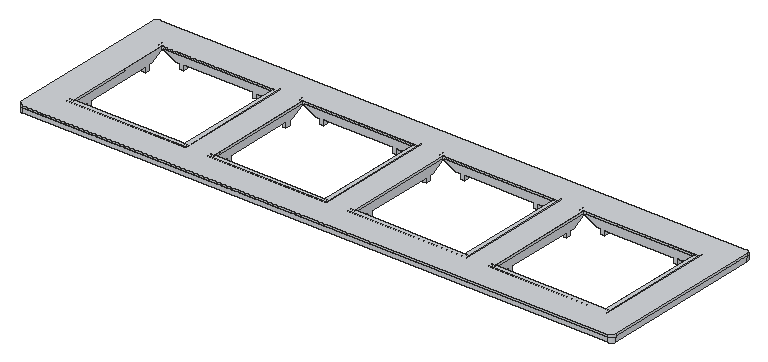
Revit family "Gira_0214235", category Electrical Fixtures, host Face, Revit 2017
Family settings
  Host = Face
  Maintain Annotation Orientation = No
  Round Connector Dimension = Use Diameter
  Part Type = Normal
  Cut with Voids When Loaded = No
  Shared = No
  Room Calculation Point = No
Parameters (values of type "Cov.fr. 4-g flat Gira E2 anthra.")
  With mounting grid = "No"
  With hinged lid = "No"
  URL = "http://katalog.gira.de/en/datenblatt.html?artikelnr=0214235"
  Type of fastening = "Clamp mounting"
  Transparent = "No"
  Surface protection = "Other"
  Suitable for wall duct = "No"
  Suitable for flush-mounted installation = "Yes"
  Suitable for floor box = "No"
  Suitable for built-in installation = "No"
  Number of units vertical = "4"
  Number of units horizontal = "4"
  Number of units = "4"
  Name = "Cov.fr. 4-g flat Gira E2 anthra."
  Mounting direction = "Horizontal and vertical"
  Material quality = "Thermoplastic"
  Material = "Plastic"
  Manufacturer URL = "https://www.gira.de/"
  Manufacturer = "Gira"
  Label space/information surface = "No"
  Keynote = ""
  HeinzeBIM = "https://bimportal.heinze.de/bim/cov-fr-4-g-flat-gira-e2-anthra-/c823c9535e9be90bf92d48955c7852f098e1dccb"
  Halogen free = "Yes"
  HAN = "0214235"
  GTIN = "4010337021308"
  Description = "Cov.fr.4g flat E2 AN,Gira E2 cover frame for flat installation,anthracite,4-gang,"
  Degree of protection (IP) = "IP20"
  Default Elevation = 1219.2 mm
  Data sheet (1) = "https://katalog.gira.de/en/download.html?artikelnr=0214235"
  Colour = "Anthracite"
  Category = "Cover frame for domestic switching devices"
  BIM (1) = "https://media.stage.bim.site/public/gira/36a6b08/E2flach_Rahmen_4fach.rfa"
  Available = "No"
Reference planes
  plane 1 "Center (Front/Back)": y = 0
  plane 2: z = 0
  plane 3 "Center (Left/Right)": x = 0
Forms (mm)
  Extrusion 1, solid, detail levels fine
    sketch origin (0, 0, 0) x (1, 0, 0) y (0, 1, 0)
      loop
        arc (-148.2, 43.9) -> (-149.968, 43.168) -> (-150.7, 41.4) r 2.5
        line (-150.7, 41.4) -> (-150.7, -41.4)
        arc (-150.7, -41.4) -> (-149.968, -43.168) -> (-148.2, -43.9) r 2.5
        line (-148.2, -43.9) -> (148.2, -43.9)
        arc (148.2, -43.9) -> (149.968, -43.168) -> (150.7, -41.4) r 2.5
        line (150.7, -41.4) -> (150.7, 41.4)
        arc (150.7, 41.4) -> (149.968, 43.168) -> (148.2, 43.9) r 2.5
        line (148.2, 43.9) -> (-148.2, 43.9)
      loop
        spline (-134.944, -27.245) -> (-134.936, -27.363) -> (-134.913, -27.478) -> (-134.875, -27.589) -> (-134.823, -27.695) -> (-134.758, -27.792) -> (-134.681, -27.881) -> (-134.592, -27.958) -> (-134.495, -28.023) -> (-134.389, -28.075) -> (-134.278, -28.113) -> (-134.163, -28.136) -> (-134.045, -28.144)
        line (-134.045, -28.144) -> (-79.555, -28.144)
        spline (-79.555, -28.144) -> (-79.437, -28.136) -> (-79.322, -28.113) -> (-79.211, -28.075) -> (-79.105, -28.023) -> (-79.008, -27.958) -> (-78.919, -27.881) -> (-78.842, -27.792) -> (-78.777, -27.695) -> (-78.725, -27.589) -> (-78.687, -27.478) -> (-78.664, -27.363) -> (-78.656, -27.245)
        line (-78.656, -27.245) -> (-78.656, 27.245)
        spline (-78.656, 27.245) -> (-78.664, 27.363) -> (-78.687, 27.478) -> (-78.725, 27.589) -> (-78.777, 27.695) -> (-78.842, 27.792) -> (-78.919, 27.881) -> (-79.008, 27.958) -> (-79.105, 28.023) -> (-79.211, 28.075) -> (-79.322, 28.113) -> (-79.437, 28.136) -> (-79.555, 28.144)
        line (-79.555, 28.144) -> (-134.045, 28.144)
        spline (-134.045, 28.144) -> (-134.163, 28.136) -> (-134.278, 28.113) -> (-134.389, 28.075) -> (-134.495, 28.023) -> (-134.592, 27.958) -> (-134.681, 27.881) -> (-134.758, 27.792) -> (-134.823, 27.695) -> (-134.875, 27.589) -> (-134.913, 27.478) -> (-134.936, 27.363) -> (-134.944, 27.245)
        line (-134.944, 27.245) -> (-134.944, -27.245)
      loop
        spline (134.045, -28.144) -> (134.163, -28.136) -> (134.278, -28.113) -> (134.389, -28.075) -> (134.495, -28.023) -> (134.592, -27.958) -> (134.681, -27.881) -> (134.758, -27.792) -> (134.823, -27.695) -> (134.875, -27.589) -> (134.913, -27.478) -> (134.936, -27.363) -> (134.944, -27.245)
        line (134.944, -27.245) -> (134.944, 27.245)
        spline (134.944, 27.245) -> (134.936, 27.363) -> (134.913, 27.478) -> (134.875, 27.589) -> (134.823, 27.695) -> (134.758, 27.792) -> (134.681, 27.881) -> (134.592, 27.958) -> (134.495, 28.023) -> (134.389, 28.075) -> (134.278, 28.113) -> (134.163, 28.136) -> (134.045, 28.144)
        line (134.045, 28.144) -> (79.555, 28.144)
        spline (79.555, 28.144) -> (79.437, 28.136) -> (79.322, 28.113) -> (79.211, 28.075) -> (79.105, 28.023) -> (79.008, 27.958) -> (78.919, 27.881) -> (78.842, 27.792) -> (78.777, 27.695) -> (78.725, 27.589) -> (78.687, 27.478) -> (78.664, 27.363) -> (78.656, 27.245)
        line (78.656, 27.245) -> (78.656, -27.245)
        spline (78.656, -27.245) -> (78.664, -27.363) -> (78.687, -27.478) -> (78.725, -27.589) -> (78.777, -27.695) -> (78.842, -27.792) -> (78.919, -27.881) -> (79.008, -27.958) -> (79.105, -28.023) -> (79.211, -28.075) -> (79.322, -28.113) -> (79.437, -28.136) -> (79.555, -28.144)
        line (79.555, -28.144) -> (134.045, -28.144)
      loop
        spline (-63.744, -27.245) -> (-63.736, -27.363) -> (-63.713, -27.478) -> (-63.675, -27.589) -> (-63.623, -27.695) -> (-63.558, -27.792) -> (-63.481, -27.881) -> (-63.392, -27.958) -> (-63.295, -28.023) -> (-63.189, -28.075) -> (-63.078, -28.113) -> (-62.963, -28.136) -> (-62.845, -28.144)
        line (-62.845, -28.144) -> (-8.355, -28.144)
        spline (-8.355, -28.144) -> (-8.237, -28.136) -> (-8.122, -28.113) -> (-8.011, -28.075) -> (-7.905, -28.023) -> (-7.808, -27.958) -> (-7.719, -27.881) -> (-7.642, -27.792) -> (-7.577, -27.695) -> (-7.525, -27.589) -> (-7.487, -27.478) -> (-7.464, -27.363) -> (-7.456, -27.245)
        line (-7.456, -27.245) -> (-7.456, 27.245)
        spline (-7.456, 27.245) -> (-7.464, 27.363) -> (-7.487, 27.478) -> (-7.525, 27.589) -> (-7.577, 27.695) -> (-7.642, 27.792) -> (-7.719, 27.881) -> (-7.808, 27.958) -> (-7.905, 28.023) -> (-8.011, 28.075) -> (-8.122, 28.113) -> (-8.237, 28.136) -> (-8.355, 28.144)
        line (-8.355, 28.144) -> (-62.845, 28.144)
        spline (-62.845, 28.144) -> (-62.963, 28.136) -> (-63.078, 28.113) -> (-63.189, 28.075) -> (-63.295, 28.023) -> (-63.392, 27.958) -> (-63.481, 27.881) -> (-63.558, 27.792) -> (-63.623, 27.695) -> (-63.675, 27.589) -> (-63.713, 27.478) -> (-63.736, 27.363) -> (-63.744, 27.245)
        line (-63.744, 27.245) -> (-63.744, -27.245)
      loop
        spline (7.456, -27.245) -> (7.464, -27.363) -> (7.487, -27.478) -> (7.525, -27.589) -> (7.577, -27.695) -> (7.642, -27.792) -> (7.719, -27.881) -> (7.808, -27.958) -> (7.905, -28.023) -> (8.011, -28.075) -> (8.122, -28.113) -> (8.237, -28.136) -> (8.355, -28.144)
        line (8.355, -28.144) -> (62.845, -28.144)
        spline (62.845, -28.144) -> (62.963, -28.136) -> (63.078, -28.113) -> (63.189, -28.075) -> (63.295, -28.023) -> (63.392, -27.958) -> (63.481, -27.881) -> (63.558, -27.792) -> (63.623, -27.695) -> (63.675, -27.589) -> (63.713, -27.478) -> (63.736, -27.363) -> (63.744, -27.245)
        line (63.744, -27.245) -> (63.744, 27.245)
        spline (63.744, 27.245) -> (63.736, 27.363) -> (63.713, 27.478) -> (63.675, 27.589) -> (63.623, 27.695) -> (63.558, 27.792) -> (63.481, 27.881) -> (63.392, 27.958) -> (63.295, 28.023) -> (63.189, 28.075) -> (63.078, 28.113) -> (62.963, 28.136) -> (62.845, 28.144)
        line (62.845, 28.144) -> (8.355, 28.144)
        spline (8.355, 28.144) -> (8.237, 28.136) -> (8.122, 28.113) -> (8.011, 28.075) -> (7.905, 28.023) -> (7.808, 27.958) -> (7.719, 27.881) -> (7.642, 27.792) -> (7.577, 27.695) -> (7.525, 27.589) -> (7.487, 27.478) -> (7.464, 27.363) -> (7.456, 27.245)
        line (7.456, 27.245) -> (7.456, -27.245)
    from 2.5 to 3.4
  Extrusion 2, solid, detail levels fine
    sketch origin (0, 0, 0) x (1, 0, 0) y (0, 1, 0)
      loop
        arc (-148.2, 43.9) -> (-149.968, 43.168) -> (-150.7, 41.4) r 2.5
        line (-150.7, 41.4) -> (-150.7, -41.4)
        arc (-150.7, -41.4) -> (-149.968, -43.168) -> (-148.2, -43.9) r 2.5
        line (-148.2, -43.9) -> (148.2, -43.9)
        arc (148.2, -43.9) -> (149.968, -43.168) -> (150.7, -41.4) r 2.5
        line (150.7, -41.4) -> (150.7, 41.4)
        arc (150.7, 41.4) -> (149.968, 43.168) -> (148.2, 43.9) r 2.5
        line (148.2, 43.9) -> (-148.2, 43.9)
      loop
        arc (-148.2, 43.4) -> (-149.614, 42.814) -> (-150.2, 41.4) r 2
        line (-150.2, 41.4) -> (-150.2, -41.4)
        arc (-150.2, -41.4) -> (-149.614, -42.814) -> (-148.2, -43.4) r 2
        line (-148.2, -43.4) -> (148.2, -43.4)
        arc (148.2, -43.4) -> (149.614, -42.814) -> (150.2, -41.4) r 2
        line (150.2, -41.4) -> (150.2, 41.4)
        arc (150.2, 41.4) -> (149.614, 42.814) -> (148.2, 43.4) r 2
        line (148.2, 43.4) -> (-148.2, 43.4)
    from 0 to 2.5
  Extrusion 3, solid, detail levels fine
    sketch origin (-106.8, 0, 0) x (1, 0, 0) y (0, 0, 1)
      loop
        line (-17.5, -4.06) -> (-17.5, -1.56) -> (17.5, -1.56) -> (17.5, -4.06) -> (19.5, -4.06) -> (19.5, -1.56) -> (21.654, -1.56) -> (27.214, 1.65) -> (30, 1.65) -> (30, 3.4) -> (-30, 3.4) -> (-30, 1.65) -> (-27.214, 1.65) -> (-21.654, -1.56) -> (-19.5, -1.56) -> (-19.5, -4.06) -> (-17.5, -4.06)
    from 28.144 to 30
  Extrusion 4, solid, detail levels fine
    sketch origin (-106.8, 0, 0) x (0, -1, 0) y (0, 0, -1)
      loop
        line (-17.5, 4.06) -> (-19.5, 4.06) -> (-19.5, 1.56) -> (-21.654, 1.56) -> (-27.214, -1.65) -> (-28.144, -1.65) -> (-28.144, -3.4) -> (28.144, -3.4) -> (28.144, -1.65) -> (27.214, -1.65) -> (21.654, 1.56) -> (19.5, 1.56) -> (19.5, 4.06) -> (17.5, 4.06) -> (17.5, 1.56) -> (-17.5, 1.56) -> (-17.5, 4.06)
    from 28.144 to 30
  Extrusion 5, solid, detail levels medium
    sketch origin (-106.8, 0, 0) x (0, -1, 0) y (0, 0, 1)
      loop
        line (-17.5, -4.06) -> (-17.5, -1.56) -> (17.5, -1.56) -> (17.5, -4.06) -> (19.5, -4.06) -> (19.5, -1.56) -> (28.144, -1.56) -> (28.144, 3.4) -> (-28.144, 3.4) -> (-28.144, -1.56) -> (-19.5, -1.56) -> (-19.5, -4.06) -> (-17.5, -4.06)
    from 28.144 to 30
  Extrusion 6, solid, detail levels fine
    sketch origin (-106.8, 0, 0) x (1, 0, 0) y (0, 0, -1)
      loop
        line (-17.5, 4.06) -> (-19.5, 4.06) -> (-19.5, 1.56) -> (-21.654, 1.56) -> (-27.214, -1.65) -> (-30, -1.65) -> (-30, -3.4) -> (30, -3.4) -> (30, -1.65) -> (27.214, -1.65) -> (21.654, 1.56) -> (19.5, 1.56) -> (19.5, 4.06) -> (17.5, 4.06) -> (17.5, 1.56) -> (-17.5, 1.56) -> (-17.5, 4.06)
    from 28.144 to 30
  Extrusion 7, solid, detail levels coarse
    sketch origin (0, 0, 0) x (1, 0, 0) y (0, 1, 0)
      loop
        line (-150.7, 43.9) -> (-150.7, -43.9) -> (150.7, -43.9) -> (150.7, 43.9) -> (-150.7, 43.9)
    from -4.06 to 3.4
  Extrusion 8, solid, detail levels medium
    sketch origin (0, 0, 0) x (1, 0, 0) y (0, 1, 0)
      loop
        line (-150.7, 43.9) -> (-150.7, -43.9) -> (150.7, -43.9) -> (150.7, 43.9) -> (-150.7, 43.9)
    from 0 to 3.4
  Extrusion 9, solid, detail levels medium
    sketch origin (-106.8, 0, 0) x (1, 0, 0) y (0, 0, 1)
      loop
        line (-17.5, -4.06) -> (-17.5, -1.56) -> (17.5, -1.56) -> (17.5, -4.06) -> (19.5, -4.06) -> (19.5, -1.56) -> (30, -1.56) -> (30, 3.4) -> (-30, 3.4) -> (-30, -1.56) -> (-19.5, -1.56) -> (-19.5, -4.06) -> (-17.5, -4.06)
    from 28.144 to 30
  Extrusion 10, solid, detail levels medium
    sketch origin (-106.8, 0, 0) x (1, 0, 0) y (0, 0, -1)
      loop
        line (-17.5, 4.06) -> (-19.5, 4.06) -> (-19.5, 1.56) -> (-30, 1.56) -> (-30, -3.4) -> (30, -3.4) -> (30, 1.56) -> (19.5, 1.56) -> (19.5, 4.06) -> (17.5, 4.06) -> (17.5, 1.56) -> (-17.5, 1.56) -> (-17.5, 4.06)
    from 28.144 to 30
  Extrusion 11, solid, detail levels medium
    sketch origin (-106.8, 0, 0) x (0, -1, 0) y (0, 0, -1)
      loop
        line (-17.5, 4.06) -> (-19.5, 4.06) -> (-19.5, 1.56) -> (-28.144, 1.56) -> (-28.144, -3.4) -> (28.144, -3.4) -> (28.144, 1.56) -> (19.5, 1.56) -> (19.5, 4.06) -> (17.5, 4.06) -> (17.5, 1.56) -> (-17.5, 1.56) -> (-17.5, 4.06)
    from 28.144 to 30
  Extrusion 12, solid, detail levels fine
    sketch origin (35.6, 0, 0) x (-1, 0, 0) y (0, 0, -1)
      loop
        line (-17.5, 4.06) -> (-19.5, 4.06) -> (-19.5, 1.56) -> (-21.654, 1.56) -> (-27.214, -1.65) -> (-30, -1.65) -> (-30, -3.4) -> (30, -3.4) -> (30, -1.65) -> (27.214, -1.65) -> (21.654, 1.56) -> (19.5, 1.56) -> (19.5, 4.06) -> (17.5, 4.06) -> (17.5, 1.56) -> (-17.5, 1.56) -> (-17.5, 4.06)
    from 28.144 to 30
  Extrusion 13, solid, detail levels fine
    sketch origin (35.6, 0, 0) x (0, -1, 0) y (0, 0, 1)
      loop
        line (-17.5, -4.06) -> (-17.5, -1.56) -> (17.5, -1.56) -> (17.5, -4.06) -> (19.5, -4.06) -> (19.5, -1.56) -> (21.654, -1.56) -> (27.214, 1.65) -> (28.144, 1.65) -> (28.144, 3.4) -> (-28.144, 3.4) -> (-28.144, 1.65) -> (-27.214, 1.65) -> (-21.654, -1.56) -> (-19.5, -1.56) -> (-19.5, -4.06) -> (-17.5, -4.06)
    from 28.144 to 30
  Extrusion 14, solid, detail levels medium
    sketch origin (35.6, 0, 0) x (0, -1, 0) y (0, 0, -1)
      loop
        line (-17.5, 4.06) -> (-19.5, 4.06) -> (-19.5, 1.56) -> (-28.144, 1.56) -> (-28.144, -3.4) -> (28.144, -3.4) -> (28.144, 1.56) -> (19.5, 1.56) -> (19.5, 4.06) -> (17.5, 4.06) -> (17.5, 1.56) -> (-17.5, 1.56) -> (-17.5, 4.06)
    from 28.144 to 30
  Extrusion 15, solid, detail levels fine
    sketch origin (35.6, 0, 0) x (-1, 0, 0) y (0, 0, 1)
      loop
        line (-17.5, -4.06) -> (-17.5, -1.56) -> (17.5, -1.56) -> (17.5, -4.06) -> (19.5, -4.06) -> (19.5, -1.56) -> (21.654, -1.56) -> (27.214, 1.65) -> (30, 1.65) -> (30, 3.4) -> (-30, 3.4) -> (-30, 1.65) -> (-27.214, 1.65) -> (-21.654, -1.56) -> (-19.5, -1.56) -> (-19.5, -4.06) -> (-17.5, -4.06)
    from 28.144 to 30
  Extrusion 16, solid, detail levels medium
    sketch origin (35.6, 0, 0) x (-1, 0, 0) y (0, 0, -1)
      loop
        line (-17.5, 4.06) -> (-19.5, 4.06) -> (-19.5, 1.56) -> (-30, 1.56) -> (-30, -3.4) -> (30, -3.4) -> (30, 1.56) -> (19.5, 1.56) -> (19.5, 4.06) -> (17.5, 4.06) -> (17.5, 1.56) -> (-17.5, 1.56) -> (-17.5, 4.06)
    from 28.144 to 30
  Extrusion 17, solid, detail levels medium
    sketch origin (35.6, 0, 0) x (-1, 0, 0) y (0, 0, 1)
      loop
        line (-17.5, -4.06) -> (-17.5, -1.56) -> (17.5, -1.56) -> (17.5, -4.06) -> (19.5, -4.06) -> (19.5, -1.56) -> (30, -1.56) -> (30, 3.4) -> (-30, 3.4) -> (-30, -1.56) -> (-19.5, -1.56) -> (-19.5, -4.06) -> (-17.5, -4.06)
    from 28.144 to 30
  Extrusion 18, solid, detail levels medium
    sketch origin (35.6, 0, 0) x (0, -1, 0) y (0, 0, 1)
      loop
        line (-17.5, -4.06) -> (-17.5, -1.56) -> (17.5, -1.56) -> (17.5, -4.06) -> (19.5, -4.06) -> (19.5, -1.56) -> (28.144, -1.56) -> (28.144, 3.4) -> (-28.144, 3.4) -> (-28.144, -1.56) -> (-19.5, -1.56) -> (-19.5, -4.06) -> (-17.5, -4.06)
    from 28.144 to 30
  Extrusion 19, solid, detail levels fine
    sketch origin (-164.944, 0, 0) x (0, -1, 0) y (0, 0, -1)
      loop
        line (-17.5, 4.06) -> (-19.5, 4.06) -> (-19.5, 1.56) -> (-21.654, 1.56) -> (-27.214, -1.65) -> (-28.144, -1.65) -> (-28.144, -3.4) -> (28.144, -3.4) -> (28.144, -1.65) -> (27.214, -1.65) -> (21.654, 1.56) -> (19.5, 1.56) -> (19.5, 4.06) -> (17.5, 4.06) -> (17.5, 1.56) -> (-17.5, 1.56) -> (-17.5, 4.06)
    from 28.144 to 30
  Extrusion 20, solid, detail levels fine
    sketch origin (93.744, 0, 0) x (0, -1, 0) y (0, 0, 1)
      loop
        line (-17.5, -4.06) -> (-17.5, -1.56) -> (17.5, -1.56) -> (17.5, -4.06) -> (19.5, -4.06) -> (19.5, -1.56) -> (21.654, -1.56) -> (27.214, 1.65) -> (28.144, 1.65) -> (28.144, 3.4) -> (-28.144, 3.4) -> (-28.144, 1.65) -> (-27.214, 1.65) -> (-21.654, -1.56) -> (-19.5, -1.56) -> (-19.5, -4.06) -> (-17.5, -4.06)
    from 28.144 to 30
  Extrusion 21, solid, detail levels fine
    sketch origin (-35.6, 0, 0) x (-1, 0, 0) y (0, 0, -1)
      loop
        line (-17.5, 4.06) -> (-19.5, 4.06) -> (-19.5, 1.56) -> (-21.654, 1.56) -> (-27.214, -1.65) -> (-30, -1.65) -> (-30, -3.4) -> (30, -3.4) -> (30, -1.65) -> (27.214, -1.65) -> (21.654, 1.56) -> (19.5, 1.56) -> (19.5, 4.06) -> (17.5, 4.06) -> (17.5, 1.56) -> (-17.5, 1.56) -> (-17.5, 4.06)
    from 28.144 to 30
  Extrusion 22, solid, detail levels fine
    sketch origin (-35.6, 0, 0) x (0, -1, 0) y (0, 0, 1)
      loop
        line (-17.5, -4.06) -> (-17.5, -1.56) -> (17.5, -1.56) -> (17.5, -4.06) -> (19.5, -4.06) -> (19.5, -1.56) -> (21.654, -1.56) -> (27.214, 1.65) -> (28.144, 1.65) -> (28.144, 3.4) -> (-28.144, 3.4) -> (-28.144, 1.65) -> (-27.214, 1.65) -> (-21.654, -1.56) -> (-19.5, -1.56) -> (-19.5, -4.06) -> (-17.5, -4.06)
    from 28.144 to 30
  Extrusion 23, solid, detail levels medium
    sketch origin (-35.6, 0, 0) x (0, -1, 0) y (0, 0, -1)
      loop
        line (-17.5, 4.06) -> (-19.5, 4.06) -> (-19.5, 1.56) -> (-28.144, 1.56) -> (-28.144, -3.4) -> (28.144, -3.4) -> (28.144, 1.56) -> (19.5, 1.56) -> (19.5, 4.06) -> (17.5, 4.06) -> (17.5, 1.56) -> (-17.5, 1.56) -> (-17.5, 4.06)
    from 28.144 to 30
  Extrusion 24, solid, detail levels fine
    sketch origin (-35.6, 0, 0) x (-1, 0, 0) y (0, 0, 1)
      loop
        line (-17.5, -4.06) -> (-17.5, -1.56) -> (17.5, -1.56) -> (17.5, -4.06) -> (19.5, -4.06) -> (19.5, -1.56) -> (21.654, -1.56) -> (27.214, 1.65) -> (30, 1.65) -> (30, 3.4) -> (-30, 3.4) -> (-30, 1.65) -> (-27.214, 1.65) -> (-21.654, -1.56) -> (-19.5, -1.56) -> (-19.5, -4.06) -> (-17.5, -4.06)
    from 28.144 to 30
  Extrusion 25, solid, detail levels medium
    sketch origin (-35.6, 0, 0) x (-1, 0, 0) y (0, 0, -1)
      loop
        line (-17.5, 4.06) -> (-19.5, 4.06) -> (-19.5, 1.56) -> (-30, 1.56) -> (-30, -3.4) -> (30, -3.4) -> (30, 1.56) -> (19.5, 1.56) -> (19.5, 4.06) -> (17.5, 4.06) -> (17.5, 1.56) -> (-17.5, 1.56) -> (-17.5, 4.06)
    from 28.144 to 30
  Extrusion 26, solid, detail levels medium
    sketch origin (-35.6, 0, 0) x (-1, 0, 0) y (0, 0, 1)
      loop
        line (-17.5, -4.06) -> (-17.5, -1.56) -> (17.5, -1.56) -> (17.5, -4.06) -> (19.5, -4.06) -> (19.5, -1.56) -> (30, -1.56) -> (30, 3.4) -> (-30, 3.4) -> (-30, -1.56) -> (-19.5, -1.56) -> (-19.5, -4.06) -> (-17.5, -4.06)
    from 28.144 to 30
  Extrusion 27, solid, detail levels medium
    sketch origin (-35.6, 0, 0) x (0, -1, 0) y (0, 0, 1)
      loop
        line (-17.5, -4.06) -> (-17.5, -1.56) -> (17.5, -1.56) -> (17.5, -4.06) -> (19.5, -4.06) -> (19.5, -1.56) -> (28.144, -1.56) -> (28.144, 3.4) -> (-28.144, 3.4) -> (-28.144, -1.56) -> (-19.5, -1.56) -> (-19.5, -4.06) -> (-17.5, -4.06)
    from 28.144 to 30
  Extrusion 28, solid, detail levels fine
    sketch origin (22.544, 0, 0) x (0, -1, 0) y (0, 0, 1)
      loop
        line (-17.5, -4.06) -> (-17.5, -1.56) -> (17.5, -1.56) -> (17.5, -4.06) -> (19.5, -4.06) -> (19.5, -1.56) -> (21.654, -1.56) -> (27.214, 1.65) -> (28.144, 1.65) -> (28.144, 3.4) -> (-28.144, 3.4) -> (-28.144, 1.65) -> (-27.214, 1.65) -> (-21.654, -1.56) -> (-19.5, -1.56) -> (-19.5, -4.06) -> (-17.5, -4.06)
    from 28.144 to 30
  Extrusion 29, solid, detail levels fine
    sketch origin (106.8, 0, 0) x (-1, 0, 0) y (0, 0, -1)
      loop
        line (-17.5, 4.06) -> (-19.5, 4.06) -> (-19.5, 1.56) -> (-21.654, 1.56) -> (-27.214, -1.65) -> (-30, -1.65) -> (-30, -3.4) -> (30, -3.4) -> (30, -1.65) -> (27.214, -1.65) -> (21.654, 1.56) -> (19.5, 1.56) -> (19.5, 4.06) -> (17.5, 4.06) -> (17.5, 1.56) -> (-17.5, 1.56) -> (-17.5, 4.06)
    from 28.144 to 30
  Extrusion 30, solid, detail levels fine
    sketch origin (106.8, 0, 0) x (0, -1, 0) y (0, 0, 1)
      loop
        line (-17.5, -4.06) -> (-17.5, -1.56) -> (17.5, -1.56) -> (17.5, -4.06) -> (19.5, -4.06) -> (19.5, -1.56) -> (21.654, -1.56) -> (27.214, 1.65) -> (28.144, 1.65) -> (28.144, 3.4) -> (-28.144, 3.4) -> (-28.144, 1.65) -> (-27.214, 1.65) -> (-21.654, -1.56) -> (-19.5, -1.56) -> (-19.5, -4.06) -> (-17.5, -4.06)
    from 28.144 to 30
  Extrusion 31, solid, detail levels medium
    sketch origin (106.8, 0, 0) x (0, -1, 0) y (0, 0, -1)
      loop
        line (-17.5, 4.06) -> (-19.5, 4.06) -> (-19.5, 1.56) -> (-28.144, 1.56) -> (-28.144, -3.4) -> (28.144, -3.4) -> (28.144, 1.56) -> (19.5, 1.56) -> (19.5, 4.06) -> (17.5, 4.06) -> (17.5, 1.56) -> (-17.5, 1.56) -> (-17.5, 4.06)
    from 28.144 to 30
  Extrusion 32, solid, detail levels fine
    sketch origin (106.8, 0, 0) x (-1, 0, 0) y (0, 0, 1)
      loop
        line (-17.5, -4.06) -> (-17.5, -1.56) -> (17.5, -1.56) -> (17.5, -4.06) -> (19.5, -4.06) -> (19.5, -1.56) -> (21.654, -1.56) -> (27.214, 1.65) -> (30, 1.65) -> (30, 3.4) -> (-30, 3.4) -> (-30, 1.65) -> (-27.214, 1.65) -> (-21.654, -1.56) -> (-19.5, -1.56) -> (-19.5, -4.06) -> (-17.5, -4.06)
    from 28.144 to 30
  Extrusion 33, solid, detail levels medium
    sketch origin (106.8, 0, 0) x (-1, 0, 0) y (0, 0, -1)
      loop
        line (-17.5, 4.06) -> (-19.5, 4.06) -> (-19.5, 1.56) -> (-30, 1.56) -> (-30, -3.4) -> (30, -3.4) -> (30, 1.56) -> (19.5, 1.56) -> (19.5, 4.06) -> (17.5, 4.06) -> (17.5, 1.56) -> (-17.5, 1.56) -> (-17.5, 4.06)
    from 28.144 to 30
  Extrusion 34, solid, detail levels medium
    sketch origin (106.8, 0, 0) x (-1, 0, 0) y (0, 0, 1)
      loop
        line (-17.5, -4.06) -> (-17.5, -1.56) -> (17.5, -1.56) -> (17.5, -4.06) -> (19.5, -4.06) -> (19.5, -1.56) -> (30, -1.56) -> (30, 3.4) -> (-30, 3.4) -> (-30, -1.56) -> (-19.5, -1.56) -> (-19.5, -4.06) -> (-17.5, -4.06)
    from 28.144 to 30
  Extrusion 35, solid, detail levels medium
    sketch origin (106.8, 0, 0) x (0, -1, 0) y (0, 0, 1)
      loop
        line (-17.5, -4.06) -> (-17.5, -1.56) -> (17.5, -1.56) -> (17.5, -4.06) -> (19.5, -4.06) -> (19.5, -1.56) -> (28.144, -1.56) -> (28.144, 3.4) -> (-28.144, 3.4) -> (-28.144, -1.56) -> (-19.5, -1.56) -> (-19.5, -4.06) -> (-17.5, -4.06)
    from 28.144 to 30
  Extrusion 36, solid, detail levels fine
    sketch origin (164.944, 0, 0) x (0, -1, 0) y (0, 0, 1)
      loop
        line (-17.5, -4.06) -> (-17.5, -1.56) -> (17.5, -1.56) -> (17.5, -4.06) -> (19.5, -4.06) -> (19.5, -1.56) -> (21.654, -1.56) -> (27.214, 1.65) -> (28.144, 1.65) -> (28.144, 3.4) -> (-28.144, 3.4) -> (-28.144, 1.65) -> (-27.214, 1.65) -> (-21.654, -1.56) -> (-19.5, -1.56) -> (-19.5, -4.06) -> (-17.5, -4.06)
    from 28.144 to 30
Dimensions and locks
  aligned and locked: plane 2 to host face
  aligned and locked: level to host face
